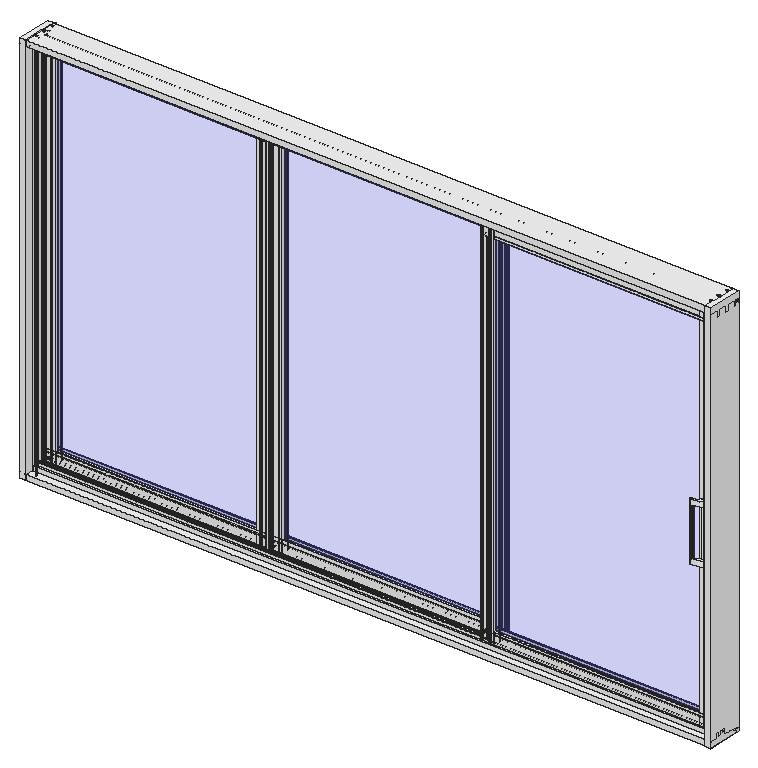
Revit family "Patio-Door_R-550-2-0_3-Light_XOO_7in_Novatech", category Doors, host Wall, Revit 2026 (continued)
Definition of nested family "NOVATECH_R-550 (2.0)_3 LIGHT_XOO_7in_DOOR FRAME"
  Definition of nested family "NOVATECH 650_2 LIGHT_DOOR FRAME_RIGHT"
    Automatic sketch dimensions
      Extrusion 1 sketch curve to Extrusion 1 sketch curve = 1.16928"
      Extrusion 1 sketch curve to Extrusion 1 sketch curve = 0.07341"
      Extrusion 1 sketch curve to Extrusion 1 sketch curve = 0.16734"
      Extrusion 1 sketch curve to Extrusion 1 sketch curve = 0.35207"
      Extrusion 1 sketch curve to Extrusion 1 sketch curve = 0.36692"
      Extrusion 1 sketch curve to Extrusion 1 sketch curve = 0.02304"
      Extrusion 1 sketch curve to Extrusion 1 sketch curve = 0.02379"
      Extrusion 1 sketch curve to Extrusion 1 sketch curve = 0.00926"
      Extrusion 1 sketch curve to Extrusion 1 sketch curve = 0.03614"
      Extrusion 1 sketch curve to Extrusion 1 sketch curve = 0.02228"
      Extrusion 1 sketch curve to Extrusion 1 sketch curve = 0.03887"
      Extrusion 1 sketch curve to Extrusion 1 sketch curve = 0.02535"
      Extrusion 1 sketch curve to Extrusion 1 sketch curve = 0.01071"
      Extrusion 1 sketch curve to Extrusion 1 sketch curve = 0.00764"
      Extrusion 1 sketch curve to Extrusion 1 sketch curve = 0.00916"
      Extrusion 1 sketch curve to Extrusion 1 sketch curve = 0.01185"
      Extrusion 1 sketch curve to Extrusion 1 sketch curve = 0.03921"
      Extrusion 1 sketch curve to Extrusion 1 sketch curve = 0.03995"
      Extrusion 1 sketch curve to Extrusion 1 sketch curve = 0.41557"
      Extrusion 1 sketch curve to Extrusion 1 sketch curve = 0.02246"  (x3)
      Extrusion 1 sketch curve to Extrusion 1 sketch curve = 0.04558"  (x2)
      Extrusion 1 sketch curve to Extrusion 1 sketch curve = 0.02222"
      Extrusion 1 sketch curve to Extrusion 1 sketch curve = 0.02305"
      Extrusion 1 sketch curve to Extrusion 1 sketch curve = 0.04602"
      Extrusion 1 sketch curve to Extrusion 1 sketch curve = 0.04436"
      Extrusion 1 sketch curve to Extrusion 1 sketch curve = 0.02244"
      Extrusion 1 sketch curve to Extrusion 1 sketch curve = 0.03743"
      Extrusion 1 sketch curve to Extrusion 1 sketch curve = 0.21108"
      Extrusion 1 sketch curve to Extrusion 1 sketch curve = 0.03746"
      Extrusion 1 sketch curve to Extrusion 1 sketch curve = 0.00795"
      Extrusion 1 sketch curve to Extrusion 1 sketch curve = 0.00895"
      Extrusion 1 sketch curve to Extrusion 1 sketch curve = 0.00912"
      Extrusion 1 sketch curve to Extrusion 1 sketch curve = 0.00975"
      Extrusion 1 sketch curve to Extrusion 1 sketch curve = 0.02249"
      Extrusion 1 sketch curve to Extrusion 1 sketch curve = 0.02399"
      Extrusion 1 sketch curve to Extrusion 1 sketch curve = 0.03972"
      Extrusion 1 sketch curve to Extrusion 1 sketch curve = 0.03991"
      Extrusion 1 sketch curve to Extrusion 1 sketch curve = 0.0105"
      Extrusion 1 sketch curve to Extrusion 1 sketch curve = 0.02313"
      Extrusion 1 sketch curve to Extrusion 1 sketch curve = 0.02334"
      Extrusion 1 sketch curve to Extrusion 1 sketch curve = 0.02"
      Extrusion 1 sketch curve to Extrusion 1 sketch curve = 0.04324"
      Extrusion 1 sketch curve to Extrusion 1 sketch curve = 0.04392"
      Extrusion 1 sketch curve to Extrusion 1 sketch curve = 0.00515"  (x2)
      plane 1 "Center (Front/Back)" to Extrusion 1 sketch curve = 1.87171"
Definition of nested family "NOVATECH_R-550 (2.0)_3 LIGHT_XOO_7in_LOOK HANDLE"
  Parameters (values of type "LOOK HANDLE")
    View Handle = yes
    Look Handle = yes
    Hardware Finish = none
    Handle Length [instance] = 12"
    Default Elevation = 0"
  Reference planes (in)
    plane 1 "Center (Front/Back)": y = 0
    plane 2: z = 0
    plane 3 "Center (Left/Right)": x = 0
    plane 4: z = 12
    plane 5: z = 11
    plane 6: z = 1
    plane 7: z = 6
  Forms (in)
    Extrusion 1, solid, material <- "Hardware Finish", visible <- "Look Handle"
      sketch origin (-2.75609, 4.10702, 0) x (1, 0, 0) y (0, 1, 0)
        loop
          line (2.28365, -5.7645) -> (2.29002, -6.12973)
          arc (2.29002, -6.12973) -> (2.31095, -6.17843) -> (2.36001, -6.1985) r 0.07
          line (2.36001, -6.1985) -> (3.15217, -6.1985)
          arc (3.15217, -6.1985) -> (3.20123, -6.17843) -> (3.22216, -6.12973) r 0.07
          line (3.22216, -6.12973) -> (3.22853, -5.7645) -> (2.28365, -5.7645)
      from 0 to 12
    Extrusion 2, solid, material <- "Hardware Finish", visible <- "Look Handle"
      sketch origin (-2.75609, 4.10702, 0) x (1, 0, 0) y (0, 1, 0)
        loop
          arc (2.92658, -7.01425) -> (2.95049, -7.06991) -> (3.00657, -7.09285) r 0.08
          line (3.00657, -7.09285) -> (3.06811, -7.09285)
          arc (3.06811, -7.09285) -> (3.12419, -7.06991) -> (3.1481, -7.01425) r 0.08
          line (3.1481, -7.01425) -> (3.16234, -6.1985) -> (2.88163, -6.1985)
          arc (2.88163, -6.1985) -> (2.90353, -6.20746) -> (2.91288, -6.22921) r 0.03125
          line (2.91288, -6.22921) -> (2.92658, -7.01425)
      from 4.54231 to 11
    Extrusion 3, solid, material <- "Hardware Finish", visible <- "Look Handle"
      sketch origin (-5.65408, 4.10702, 0) x (1, 0, 0) y (0, 1, 0)
        loop
          arc (5.26207, -7.01425) -> (5.28599, -7.06991) -> (5.34206, -7.09285) r 0.08
          line (5.34206, -7.09285) -> (5.96611, -7.09285)
          arc (5.96611, -7.09285) -> (6.02218, -7.06991) -> (6.0461, -7.01425) r 0.08
          line (6.0461, -7.01425) -> (6.06033, -6.1985) -> (5.24783, -6.1985) -> (5.26207, -7.01425)
      from 1 to 4.54231
  Dimensions and locks (in)
    "Handle Length": plane 4 to level
    locked: plane 4 to plane 5 at 1
    locked: plane 6 to level at 1
    equal spacing: plane 4, plane 7, level, locked at 6 each
    aligned and locked: plane 2 to level
  Automatic sketch dimensions
    Extrusion 1 sketch curve to plane 3 "Center (Left/Right)" = 0.47244"
    Extrusion 1 sketch curve to Extrusion 1 sketch curve = 0.00637"  (x2)
    Extrusion 1 sketch curve to Extrusion 1 sketch curve = 0.06999"  (x2)
    plane 3 "Center (Left/Right)" to Extrusion 1 sketch curve = 0.39608"
    plane 1 "Center (Front/Back)" to Extrusion 1 sketch curve = 2.09148"
    Extrusion 1 sketch curve to Extrusion 1 sketch curve = 0.06878"  (x2)
    Extrusion 1 sketch curve to Extrusion 1 sketch curve = 0.36522"
    plane 3 "Center (Left/Right)" to Extrusion 2 sketch curve = 0.31202"
    Extrusion 2 sketch curve to Extrusion 2 sketch curve = 0.07999"
    plane 1 "Center (Front/Back)" to Extrusion 2 sketch curve = 2.90722"
    Extrusion 2 sketch curve to Extrusion 2 sketch curve = 0.0014"  (x2)
    plane 3 "Center (Left/Right)" to Extrusion 2 sketch curve = 0.15679"
    Extrusion 2 sketch curve to Extrusion 2 sketch curve = 0.24946"
    Extrusion 2 sketch curve to Extrusion 2 sketch curve = 0.78504"
    Extrusion 2 sketch curve to Extrusion 2 sketch curve = 0.0307"
    Extrusion 2 sketch curve to Extrusion 2 sketch curve = 0.06155"
    Extrusion 2 sketch curve to Extrusion 2 sketch curve = 0"  (x2)
    Extrusion 2 sketch curve to Extrusion 2 sketch curve = 0.00055"
    plane 3 "Center (Left/Right)" to Extrusion 2 sketch curve = 0.12554"
    Extrusion 3 sketch curve to plane 3 "Center (Left/Right)" = 0.39201"
    Extrusion 3 sketch curve to Extrusion 3 sketch curve = 0.07999"
    plane 1 "Center (Front/Back)" to Extrusion 3 sketch curve = 2.90722"
    Extrusion 3 sketch curve to Extrusion 3 sketch curve = 0.0014"  (x2)
    Extrusion 3 sketch curve to plane 3 "Center (Left/Right)" = 13/32"
    Extrusion 3 sketch curve to Extrusion 3 sketch curve = 0.81574"
    plane 3 "Center (Left/Right)" to Extrusion 3 sketch curve = 0.31202"
    plane 3 "Center (Left/Right)" to Extrusion 3 sketch curve = 13/32"
    Extrusion 3 sketch curve to Extrusion 3 sketch curve = 0.0786"
Definition of nested family "NOVATECH_R-550 (2.0)_3 LIGHT_XOO_7in_VIEW HANDLE"
  Parameters (values of type "VIEW HANDLE")
    Hardware Finish = none
    Handle Length [instance] = 12"
    Default Elevation = 0"
  Reference planes (in)
    plane 1 "Center (Front/Back)": y = 0
    plane 2: z = 0
    plane 3 "Center (Left/Right)": x = 0
    plane 4: z = 12
    plane 5: z = 11
    plane 6: z = 1
    plane 7: z = 6
  Forms (in)
    Extrusion 1, solid, material <- "Hardware Finish"
      sketch origin (-2.75609, -5.7645, 0) x (1, 0, 0) y (0, 1, 0)
        loop
          line (2.25609, 6.2645) -> (2.25609, 5.7645) -> (3.25609, 5.7645) -> (3.25609, 6.2645) -> (2.25609, 6.2645)
      from 0 to 12
    Extrusion 2, solid, material <- "Hardware Finish"
      sketch origin (-2.75609, -5.7645, 0) x (1, 0, 0) y (0, 1, 0)
        loop
          arc (3.25636, 6.2645) -> (3.36219, 6.58898) -> (3.65155, 6.76996) r 0.5
          arc (3.65155, 6.76996) -> (4.19674, 6.84875) -> (4.74609, 6.8895) r 7.93092
          arc (4.74609, 6.8895) -> (4.87857, 6.94764) -> (4.92546, 7.0845) r 0.18
          arc (4.92546, 7.0845) -> (4.87857, 7.22136) -> (4.74609, 7.2795) r 0.18
          arc (4.74609, 7.2795) -> (3.50036, 7.21489) -> (2.35751, 6.71497) r 3.47867
          arc (2.35751, 6.71497) -> (2.28354, 6.64857) -> (2.25609, 6.55303) r 0.18
          line (2.25609, 6.55303) -> (2.25609, 6.2645) -> (3.25636, 6.2645)
      from 0 to 12
    Extrusion 3, void
      sketch origin (-2.75609, -5.7645, 0) x (1, 0, 0) y (0, 1, 0)
        loop
          arc (3.25636, 6.2645) -> (3.36219, 6.58898) -> (3.65155, 6.76996) r 0.5
          arc (3.65155, 6.76996) -> (3.99574, 6.82419) -> (4.34198, 6.86326) r 7.93092
          arc (4.34198, 6.86326) -> (4.5239, 7.10462) -> (4.30048, 7.30816) r 0.22439
          arc (4.30048, 7.30816) -> (3.28473, 7.15656) -> (2.35751, 6.71497) r 3.47867
          arc (2.35751, 6.71497) -> (2.28354, 6.64857) -> (2.25609, 6.55303) r 0.18
          line (2.25609, 6.55303) -> (2.25609, 6.2645) -> (3.25636, 6.2645)
      from 1 to 11
  Cuts and joins
    Extrusion 3 cuts Extrusion 2
  Dimensions and locks (in)
    "Handle Length": plane 4 to level
    locked: plane 4 to plane 5 at 1
    locked: plane 6 to level at 1
    equal spacing: plane 4, plane 7, level, locked at 6 each
    aligned and locked: plane 2 to level
    aligned and locked: cut or joined group of Extrusion 2, Extrusion 3 to plane 5
    aligned and locked: plane 6 to cut or joined group of Extrusion 2, Extrusion 3
    aligned and locked: Extrusion 1 to plane 4
    aligned and locked: cut or joined group of Extrusion 2, Extrusion 3 to plane 4
  Automatic sketch dimensions
    plane 1 "Center (Front/Back)" to Extrusion 1 sketch curve = 0"
    Extrusion 1 sketch curve to plane 3 "Center (Left/Right)" = 1/2"
    plane 3 "Center (Left/Right)" to Extrusion 1 sketch curve = 1/2"
    Extrusion 1 sketch curve to plane 1 "Center (Front/Back)" = 1/2"
    Extrusion 2 sketch curve to plane 3 "Center (Left/Right)" = 1/2"
    Extrusion 2 sketch curve to Extrusion 2 sketch curve = 0.18"
    plane 3 "Center (Left/Right)" to Extrusion 2 sketch curve = 0.50027"
    Extrusion 2 sketch curve to Extrusion 2 sketch curve = 0.49973"
    plane 3 "Center (Left/Right)" to Extrusion 2 sketch curve = 1.54439"
    Extrusion 2 sketch curve to Extrusion 2 sketch curve = 0.99"
    Extrusion 2 sketch curve to Extrusion 2 sketch curve = 0"
    plane 3 "Center (Left/Right)" to Extrusion 2 sketch curve = 2.30175"
    plane 1 "Center (Front/Back)" to Extrusion 2 sketch curve = 6.79979"
    plane 1 "Center (Front/Back)" to Extrusion 2 sketch curve = 1.93501"
    Extrusion 2 sketch curve to plane 1 "Center (Front/Back)" = 1/2"
    Extrusion 2 sketch curve to Extrusion 2 sketch curve = 0.0165"
    Extrusion 2 sketch curve to Extrusion 2 sketch curve = 0.28853"
    Extrusion 2 sketch curve to Extrusion 2 sketch curve = 0.7885"
    Extrusion 2 sketch curve to Extrusion 2 sketch curve = 0.03"
    Extrusion 2 sketch curve to Extrusion 2 sketch curve = 0.07858"
    Extrusion 2 sketch curve to Extrusion 2 sketch curve = 0.10454"
    Extrusion 3 sketch curve to plane 3 "Center (Left/Right)" = 1/2"
    Extrusion 3 sketch curve to Extrusion 3 sketch curve = 0.18"
    plane 3 "Center (Left/Right)" to Extrusion 3 sketch curve = 0.50027"
    Extrusion 3 sketch curve to Extrusion 3 sketch curve = 0.49973"
    plane 3 "Center (Left/Right)" to Extrusion 3 sketch curve = 1.54439"
    plane 3 "Center (Left/Right)" to Extrusion 3 sketch curve = 2.30175"
    plane 1 "Center (Front/Back)" to Extrusion 3 sketch curve = 6.79979"
    plane 1 "Center (Front/Back)" to Extrusion 3 sketch curve = 1.93501"
    Extrusion 3 sketch curve to plane 1 "Center (Front/Back)" = 1/2"
    Extrusion 3 sketch curve to Extrusion 3 sketch curve = 0.0165"
    Extrusion 3 sketch curve to Extrusion 3 sketch curve = 0.28853"
    Extrusion 3 sketch curve to Extrusion 3 sketch curve = 0.80277"
    Extrusion 3 sketch curve to Extrusion 3 sketch curve = 0.07858"
    Extrusion 3 sketch curve to Extrusion 3 sketch curve = 0.10454"
    Extrusion 3 sketch curve to Extrusion 3 sketch curve = 0.0415"
Definition of nested family "NOVATECH_R-550 (2.0)_3 LIGHT_XOO_7in_SASH_O_RIGHT"
  Parameters (values of type "SASH_O_RIGHT")
    Width = 46.52865"
    Panel Material = none
    Height = 77 57/128"
    Frame Material = none
    Default Elevation = 0"
  Reference planes (in)
    plane 1 "Center (Front/Back)": y = 0
    plane 2: z = -0.90071
    plane 3 "Center (Left/Right)": x = 0
    plane 4: x = 23.26432
    plane 5: x = -23.26432
    plane 6: z = 77.44531
    plane 7: y = 0.77151
    plane 8: x = -23.19439
  Forms (in)
    Extrusion 1, solid, material <- "Panel Material"
      sketch origin (53.61747, -3.42282, -6.62158) x (1, 0, 0) y (0, 1, 0)
        loop
          line (-74.77328, 4.62951) -> (-74.77328, 3.75549) -> (-32.39173, 3.75549) -> (-32.39173, 4.62951) -> (-74.77328, 4.62951)
      from 8.65968 to 82.02833
  Dimensions and locks (in)
    "Height": plane 6 to level
    "Width": plane 4 to plane 5
    equal spacing: plane 4, plane 3 "Center (Left/Right)", plane 5
    locked: Extrusion 1 sketch curve to Extrusion 1 sketch curve at 0.87402
    plane 1 "Center (Front/Back)" to plane 7 = 0.77151"
    locked: plane 5 to Extrusion 1 at 2.10852
    locked: Extrusion 1 to plane 4 at 2.03858
    locked: plane 6 to Extrusion 1 at 2.03857
    Extrusion 1 to level = 2.0381"
    plane 1 "Center (Front/Back)" to Extrusion 1 = 0.33268"
    locked: level to plane 2 at 0.90071
    locked: plane 5 to plane 8 at 0.06993
    aligned and locked: plane 1 "Center (Front/Back)" to nested 1
    aligned and locked: plane 1 "Center (Front/Back)" to nested 2
    aligned and locked: nested 3 to plane 4  (x2)
    aligned and locked: nested 3 to plane 1 "Center (Front/Back)"
    aligned and locked: plane 4 to nested 1
    aligned and locked: plane 4 to nested 2
    aligned and locked: plane 1 "Center (Front/Back)" to nested 4
    aligned and locked: nested 3 to plane 6
    aligned and locked: plane 6 to nested 4
    aligned and locked: nested 4 to plane 5
    aligned and locked: plane 8 to nested 2
    aligned and locked: plane 8 to nested 1
    aligned and locked: plane 6 to nested 2
    aligned and locked: nested 1 to level
    aligned and locked: nested 4 to level
  Automatic sketch dimensions
    Extrusion 1 sketch curve to plane 1 "Center (Front/Back)" = 0.33268"
    plane 5 to Extrusion 1 sketch curve = 2.10852"
    Extrusion 1 sketch curve to plane 4 = 2.03858"
  Nested families (in)
    nested 1: "NOVATECH_650_2 LIGHT_SASH_O_SILL" at (-23.19439, 0, -0.93499), type "O PANEL SILL"
      with built-in parameter 1001306 3.8716 (stored number, unit not read)
    nested 2: "NOVATECH_650_3 LIGHT_OXO_SASH_O_HEADER" at (-23.19439, 0, 74.8425), type "O HEADER"
      with Length 46.45871"
    nested 3: "NOVATECH_650_3 LIGHT_OXO_SASH_O_RIGHT" at (23.26432, 1.65748, 0) x (0, -1, 0) z (0, 0, 1), type "O RIGHT"
      with Length 77 57/128"
    nested 4: "NOVATECH_650_3 LIGHT_OXO_SASH_O_LEFT" at (-23.26432, 0, -6) x (0, -1, 0) z (0, 0, 1), type "O LEFT"
      with Length 77 57/128"
  Definition of nested family "NOVATECH_650_2 LIGHT_SASH_O_SILL"
    Parameters (values of type "O PANEL SILL")
      built-in parameter 1001306 [instance] = 48"
      Frame Material = none
      Default Elevation = 0"
    Reference planes (in)
      plane 1 "Center (Front/Back)": y = 0
      plane 2: z = 0
      plane 3 "Left": x = 0
      plane 4 "Right": x = 48
    Forms (in)
      Extrusion 1, solid, material <- "Frame Material"
        sketch origin (0, -0.42731, -0.7993) x (0, 1, 0) y (0, 0, 1)
          loop
            line (1.50935, 2.22768) -> (1.00276, 2.22768)
            arc (1.00276, 2.22768) -> (0.94708, 2.20462) -> (0.92402, 2.14894) r 0.07874
            line (0.92402, 2.14894) -> (0.92402, 1.86784)
            arc (0.92402, 1.86784) -> (0.91825, 1.85393) -> (0.90433, 1.84816) r 0.01969
            line (0.90433, 1.84816) -> (0.87358, 1.84816) -> (0.85389, 1.72715) -> (0.644, 1.72715)
            arc (0.644, 1.72715) -> (0.63008, 1.72138) -> (0.62431, 1.70746) r 0.01969
            line (0.62431, 1.70746) -> (0.62431, 1.54017) -> (0.52604, 1.54017) -> (0.52615, 1.70715) -> (0.45135, 1.70715) -> (0.45074, 0.7993) -> (0.52556, 0.81205) -> (0.52575, 1.10443) -> (0.93819, 1.1584) -> (0.93819, 0.93129) -> (1.01299, 0.94253) -> (1.01299, 1.35309) -> (1.5156, 1.41571) -> (1.5156, 0.88509)
            arc (1.5156, 0.88509) -> (1.52141, 0.87106) -> (1.53544, 0.86524) r 0.01985
            arc (1.53544, 0.86524) -> (1.55245, 0.86422) -> (1.56901, 0.86822) r 0.05745
            line (1.56901, 0.86822) -> (1.63183, 0.90885)
            arc (1.63183, 0.90885) -> (1.63055, 0.92963) -> (1.60977, 0.93091) r 0.01572
            arc (1.60977, 0.93091) -> (1.59585, 0.93668) -> (1.59009, 0.9506) r 0.01969
            line (1.59009, 0.9506) -> (1.59009, 1.65234) -> (2.03511, 1.65234) -> (2.03517, 1.09522) -> (2.10997, 1.10708) -> (2.10991, 1.637)
            arc (2.10991, 1.637) -> (2.0835, 1.70074) -> (2.01976, 1.72715) r 0.09016
            line (2.01976, 1.72715) -> (1.65169, 1.72715) -> (1.63466, 1.83182)
            arc (1.63466, 1.83182) -> (1.625, 1.84624) -> (1.60777, 1.84835) r 0.02085
            arc (1.60777, 1.84835) -> (1.59385, 1.85411) -> (1.58809, 1.86803) r 0.01969
            line (1.58809, 1.86803) -> (1.58809, 2.14894)
            arc (1.58809, 2.14894) -> (1.56503, 2.20462) -> (1.50935, 2.22768) r 0.07874
          loop
            line (0.42731, 4.26963) -> (0.42731, 1.79335)
            arc (0.42731, 1.79335) -> (0.44461, 1.75159) -> (0.48637, 1.73429) r 0.05906
            line (0.48637, 1.73429) -> (0.79548, 1.73429)
            arc (0.79548, 1.73429) -> (0.83724, 1.75159) -> (0.85454, 1.79335) r 0.05906
            line (0.85454, 1.79335) -> (0.85454, 1.87249) -> (0.81117, 1.87249) -> (0.81117, 1.8095) -> (0.75999, 1.8095) -> (0.75999, 2.11658) -> (0.81117, 2.11658) -> (0.81117, 2.05359) -> (0.86235, 2.05359) -> (0.86235, 2.43905) -> (1.64975, 2.43905) -> (1.64975, 2.05359) -> (1.70093, 2.05359) -> (1.70093, 2.11658) -> (1.75211, 2.11658) -> (1.75211, 1.8095) -> (1.70093, 1.8095) -> (1.70093, 1.87249) -> (1.65756, 1.87249) -> (1.65756, 1.79335)
            arc (1.65756, 1.79335) -> (1.67486, 1.75159) -> (1.71662, 1.73429) r 0.05906
            line (1.71662, 1.73429) -> (2.02574, 1.73429)
            arc (2.02574, 1.73429) -> (2.06749, 1.75159) -> (2.08479, 1.79335) r 0.05906
            line (2.08479, 1.79335) -> (2.08479, 3.64377) -> (2.00605, 3.64377) -> (2.00605, 3.30913) -> (1.81314, 3.30913) -> (1.81314, 3.40755) -> (1.86432, 3.40755) -> (1.86432, 3.64377) -> (1.56849, 3.64377) -> (1.56849, 3.76848) -> (0.66353, 3.76848) -> (0.66353, 4.2919) -> (0.697, 4.2919) -> (0.697, 4.3332) -> (0.45273, 4.29887)
            arc (0.45273, 4.29887) -> (0.43455, 4.289) -> (0.42731, 4.26963) r 0.02953
          loop
            line (1.697, 4.33127) -> (1.71668, 4.29189) -> (1.71669, 3.67374)
            arc (1.71669, 3.67374) -> (1.72363, 3.66069) -> (1.73834, 3.65914) r 0.01575
            line (1.73834, 3.65914) -> (1.84513, 3.69539) -> (1.92824, 3.64363) -> (1.9154, 3.47576) -> (1.8935, 3.41617)
            arc (1.8935, 3.41617) -> (1.86859, 3.38726) -> (1.88982, 3.35556) r 0.0315
            arc (1.88982, 3.35556) -> (1.92534, 3.35888) -> (1.94977, 3.38487) r 0.05041
            line (1.94977, 3.38487) -> (1.98385, 3.46761) -> (1.99786, 3.65101)
            arc (1.99786, 3.65101) -> (2.00813, 3.67068) -> (2.03025, 3.67232) r 0.02281
            line (2.03025, 3.67232) -> (2.06117, 3.6537)
            arc (2.06117, 3.6537) -> (2.07692, 3.6537) -> (2.08479, 3.66733) r 0.01575
            line (2.08479, 3.66733) -> (2.08479, 4.30174)
            arc (2.08479, 4.30174) -> (2.07614, 4.32262) -> (2.05526, 4.33127) r 0.02953
            line (2.05526, 4.33127) -> (1.697, 4.33127)
        from 0 to 48
    Lines and regions (in)
      reference lines
        curve 1: line (0, 0.91091, 0) -> (48, 0.91091, 0)
    Dimensions and locks (in)
      "built-in parameter 1001306": plane 3 "Left" to plane 4 "Right"
      aligned and locked: plane 4 "Right" to curve 1
      aligned and locked: plane 3 "Left" to curve 1
      aligned and locked: level to plane 2
      aligned and locked: Extrusion 1 to plane 3 "Left"
      aligned and locked: plane 4 "Right" to Extrusion 1
    Automatic sketch dimensions
      curve 1 to plane 1 "Center (Front/Back)" = 0.91091"
      level to Extrusion 1 sketch curve = 0"
      level to Extrusion 1 sketch curve = 0.30778"
      Extrusion 1 sketch curve to plane 1 "Center (Front/Back)" = 1.68266"
      level to Extrusion 1 sketch curve = 0.8377"
      Extrusion 1 sketch curve to Extrusion 1 sketch curve = 0.00005"
      Extrusion 1 sketch curve to Extrusion 1 sketch curve = 0.02512"
      Extrusion 1 sketch curve to Extrusion 1 sketch curve = 0"  (x3)
      Extrusion 1 sketch curve to Extrusion 1 sketch curve = 0.01575"  (x2)
      Extrusion 1 sketch curve to Extrusion 1 sketch curve = 0.00787"
      Extrusion 1 sketch curve to Extrusion 1 sketch curve = 0.02953"  (x2)
      level to Extrusion 1 sketch curve = 0.29592"
      Extrusion 1 sketch curve to Extrusion 1 sketch curve = 0.0748"  (x4)
      Extrusion 1 sketch curve to Extrusion 1 sketch curve = 0.03092"
      Extrusion 1 sketch curve to Extrusion 1 sketch curve = 0.00937"
      Extrusion 1 sketch curve to Extrusion 1 sketch curve = 0.00959"
      Extrusion 1 sketch curve to Extrusion 1 sketch curve = 0.00598"
      Extrusion 1 sketch curve to Extrusion 1 sketch curve = 0.01461"
      Extrusion 1 sketch curve to Extrusion 1 sketch curve = 0.00819"
      Extrusion 1 sketch curve to Extrusion 1 sketch curve = 0.0222"
      Extrusion 1 sketch curve to Extrusion 1 sketch curve = 0.03408"
      Extrusion 1 sketch curve to Extrusion 1 sketch curve = 0.06962"
      Extrusion 1 sketch curve to Extrusion 1 sketch curve = 0.06844"
      Extrusion 1 sketch curve to Extrusion 1 sketch curve = 0.04657"
      Extrusion 1 sketch curve to Extrusion 1 sketch curve = 0.00316"
      Extrusion 1 sketch curve to Extrusion 1 sketch curve = 0.00969"
      Extrusion 1 sketch curve to Extrusion 1 sketch curve = 0.06392"
      Extrusion 1 sketch curve to Extrusion 1 sketch curve = 0.01918"
      Extrusion 1 sketch curve to Extrusion 1 sketch curve = 0.05118"  (x4)
      Extrusion 1 sketch curve to Extrusion 1 sketch curve = 0.27362"
      Extrusion 1 sketch curve to Extrusion 1 sketch curve = 0.1068"
      Extrusion 1 sketch curve to Extrusion 1 sketch curve = 0.0059"
      Extrusion 1 sketch curve to Extrusion 1 sketch curve = 0.33858"
      Extrusion 1 sketch curve to Extrusion 1 sketch curve = 0.03549"  (x2)
      Extrusion 1 sketch curve to Extrusion 1 sketch curve = 0.01569"  (x2)
      Extrusion 1 sketch curve to Extrusion 1 sketch curve = 0.01969"  (x4)
      Extrusion 1 sketch curve to Extrusion 1 sketch curve = 0.04337"  (x2)
      Extrusion 1 sketch curve to Extrusion 1 sketch curve = 0.06493"
      level to Extrusion 1 sketch curve = 1.03252"
      Extrusion 1 sketch curve to Extrusion 1 sketch curve = 0.0229"
      level to Extrusion 1 sketch curve = 0.10955"
      Extrusion 1 sketch curve to Extrusion 1 sketch curve = 0.40333"
      Extrusion 1 sketch curve to Extrusion 1 sketch curve = 0.01239"
      Extrusion 1 sketch curve to Extrusion 1 sketch curve = 0.02058"
      Extrusion 1 sketch curve to Extrusion 1 sketch curve = 0.00967"  (x2)
      Extrusion 1 sketch curve to Extrusion 1 sketch curve = 0.00631"
      Extrusion 1 sketch curve to Extrusion 1 sketch curve = 0.0616"
      level to Extrusion 1 sketch curve = 0.06892"
      Extrusion 1 sketch curve to Extrusion 1 sketch curve = 0.05043"
      Extrusion 1 sketch curve to Extrusion 1 sketch curve = 0.1482"
      Extrusion 1 sketch curve to Extrusion 1 sketch curve = 0.04272"
      Extrusion 1 sketch curve to Extrusion 1 sketch curve = 0.03356"
      Extrusion 1 sketch curve to Extrusion 1 sketch curve = 0.07449"
      Extrusion 1 sketch curve to Extrusion 1 sketch curve = 0.07874"  (x2)
      level to Extrusion 1 sketch curve = 0.14323"
      Extrusion 1 sketch curve to Extrusion 1 sketch curve = 0.5026"
      Extrusion 1 sketch curve to Extrusion 1 sketch curve = 0.50659"
      Extrusion 1 sketch curve to Extrusion 1 sketch curve = 0.03075"
      Extrusion 1 sketch curve to Extrusion 1 sketch curve = 0.1404"
      Extrusion 1 sketch curve to Extrusion 1 sketch curve = 0.01904"
      Extrusion 1 sketch curve to Extrusion 1 sketch curve = 0.00065"
      Extrusion 1 sketch curve to Extrusion 1 sketch curve = 1"
      Extrusion 1 sketch curve to Extrusion 1 sketch curve = 0.03346"
      Extrusion 1 sketch curve to Extrusion 1 sketch curve = 0.11599"
      level to Extrusion 1 sketch curve = 0.90785"
      Extrusion 1 sketch curve to Extrusion 1 sketch curve = 0.09816"
      level to Extrusion 1 sketch curve = 0.74086"
      Extrusion 1 sketch curve to Extrusion 1 sketch curve = 0.09827"
      level to Extrusion 1 sketch curve = 0.30513"
      Extrusion 1 sketch curve to Extrusion 1 sketch curve = 0.41244"
      level to Extrusion 1 sketch curve = 0.01275"
      Extrusion 1 sketch curve to Extrusion 1 sketch curve = 0.00019"
      Extrusion 1 sketch curve to Extrusion 1 sketch curve = 0.03978"
      Extrusion 1 sketch curve to Extrusion 1 sketch curve = 0.20669"
      Extrusion 1 sketch curve to Extrusion 1 sketch curve = 0.00411"
      Extrusion 1 sketch curve to Extrusion 1 sketch curve = 0.03502"
      Extrusion 1 sketch curve to Extrusion 1 sketch curve = 0.07481"
      Extrusion 1 sketch curve to Extrusion 1 sketch curve = 0.01687"
      Extrusion 1 sketch curve to Extrusion 1 sketch curve = 0.01124"
      Extrusion 1 sketch curve to Extrusion 1 sketch curve = 0.22711"
      Extrusion 1 sketch curve to Extrusion 1 sketch curve = 0.1947"
      Extrusion 1 sketch curve to Extrusion 1 sketch curve = 0.41612"
      Extrusion 1 sketch curve to Extrusion 1 sketch curve = 0.00031"
      Extrusion 1 sketch curve to Extrusion 1 sketch curve = 0.00715"  (x2)
      Extrusion 1 sketch curve to Extrusion 1 sketch curve = 0.01615"  (x2)
      Extrusion 1 sketch curve to Extrusion 1 sketch curve = 0.00335"
      Extrusion 1 sketch curve to Extrusion 1 sketch curve = 0.05481"
      Extrusion 1 sketch curve to Extrusion 1 sketch curve = 0.03956"
      Extrusion 1 sketch curve to Extrusion 1 sketch curve = 0.06299"  (x4)
      Extrusion 1 sketch curve to Extrusion 1 sketch curve = 0.1811"  (x2)
      Extrusion 1 sketch curve to Extrusion 1 sketch curve = 0.09535"
      Extrusion 1 sketch curve to Extrusion 1 sketch curve = 0.21137"
      Extrusion 1 sketch curve to Extrusion 1 sketch curve = 0.87008"
      Extrusion 1 sketch curve to Extrusion 1 sketch curve = 0.07575"
      Extrusion 1 sketch curve to Extrusion 1 sketch curve = 0.00048"
      Extrusion 1 sketch curve to Extrusion 1 sketch curve = 0.01881"
      Extrusion 1 sketch curve to Extrusion 1 sketch curve = 0.00339"
      Extrusion 1 sketch curve to Extrusion 1 sketch curve = 0.012"
      Extrusion 1 sketch curve to Extrusion 1 sketch curve = 0.08274"
      Extrusion 1 sketch curve to Extrusion 1 sketch curve = 0.05959"
      Extrusion 1 sketch curve to Extrusion 1 sketch curve = 0.16787"
      Extrusion 1 sketch curve to Extrusion 1 sketch curve = 0.00014"  (x2)
      Extrusion 1 sketch curve to Extrusion 1 sketch curve = 0.00724"
      Extrusion 1 sketch curve to Extrusion 1 sketch curve = 0.00785"
      Extrusion 1 sketch curve to Extrusion 1 sketch curve = 0.00992"
      Extrusion 1 sketch curve to Extrusion 1 sketch curve = 0.01537"
      Extrusion 1 sketch curve to Extrusion 1 sketch curve = 0.05162"
      Extrusion 1 sketch curve to Extrusion 1 sketch curve = 0.12471"
      Extrusion 1 sketch curve to Extrusion 1 sketch curve = 0.50115"
      Extrusion 1 sketch curve to Extrusion 1 sketch curve = 0.52341"
      Extrusion 1 sketch curve to Extrusion 1 sketch curve = 0.02226"
      Extrusion 1 sketch curve to Extrusion 1 sketch curve = 0.00984"
      Extrusion 1 sketch curve to Extrusion 1 sketch curve = 0.04131"
  Definition of nested family "NOVATECH_650_3 LIGHT_OXO_SASH_O_HEADER"
    Parameters (values of type "O HEADER")
      Length [instance] = 25.4316"
      Frame Material = none
      Default Elevation = 0"
    Reference planes (in)
      plane 1 "Center (Front/Back)": y = 0
      plane 2: z = 0
      plane 3 "Center (Left/Right)": x = 0
      plane 4: x = 25.4316
    Forms (in)
      Extrusion 1, solid, material <- "Frame Material"
        sketch origin (0, 3.99113, -1.74837) x (0, 1, 0) y (0, 0, 1)
          loop
            line (-2.76869, 4.29213) -> (-2.76869, 4.20908) -> (-2.71751, 4.20908) -> (-2.71751, 4.27208) -> (-2.66633, 4.27208) -> (-2.66633, 3.96499) -> (-2.71751, 3.96499) -> (-2.71751, 4.02798) -> (-2.76869, 4.02798) -> (-2.76869, 3.64252) -> (-3.55609, 3.64252) -> (-3.55609, 4.02798) -> (-3.60728, 4.02798) -> (-3.60728, 3.96499) -> (-3.65846, 3.96499) -> (-3.65846, 4.27208) -> (-3.60728, 4.27208) -> (-3.60728, 4.20908) -> (-3.55609, 4.20908) -> (-3.55609, 4.29213)
            arc (-3.55609, 4.29213) -> (-3.57339, 4.33389) -> (-3.61515, 4.35118) r 0.05906
            line (-3.61515, 4.35118) -> (-3.93208, 4.35118)
            arc (-3.93208, 4.35118) -> (-3.97384, 4.33389) -> (-3.99113, 4.29213) r 0.05906
            line (-3.99113, 4.29213) -> (-3.99113, 1.81194)
            arc (-3.99113, 1.81194) -> (-3.98389, 1.79257) -> (-3.96572, 1.7827) r 0.02953
            line (-3.96572, 1.7827) -> (-3.72145, 1.74837) -> (-3.72145, 1.78968) -> (-3.75491, 1.78968) -> (-3.75491, 2.4378) -> (-3.65663, 2.4378) -> (-3.65663, 2.3126) -> (-2.78262, 2.3126) -> (-2.78262, 2.4378) -> (-2.55413, 2.4378) -> (-2.55413, 2.67402) -> (-2.60531, 2.67402) -> (-2.60531, 2.77244) -> (-2.41239, 2.77244) -> (-2.41239, 2.4378) -> (-2.33365, 2.4378) -> (-2.33365, 4.29213)
            arc (-2.33365, 4.29213) -> (-2.35095, 4.33389) -> (-2.39271, 4.35118) r 0.05906
            line (-2.39271, 4.35118) -> (-2.70964, 4.35118)
            arc (-2.70964, 4.35118) -> (-2.7514, 4.33389) -> (-2.76869, 4.29213) r 0.05906
          loop
            line (-2.33365, 1.77983) -> (-2.33365, 2.41424)
            arc (-2.33365, 2.41424) -> (-2.34153, 2.42788) -> (-2.35728, 2.42788) r 0.01575
            line (-2.35728, 2.42788) -> (-2.3867, 2.41134)
            arc (-2.3867, 2.41134) -> (-2.40913, 2.41876) -> (-2.41969, 2.43989) r 0.03079
            line (-2.41969, 2.43989) -> (-2.43129, 2.60578) -> (-2.46833, 2.69723)
            arc (-2.46833, 2.69723) -> (-2.49406, 2.72434) -> (-2.53137, 2.72666) r 0.05107
            arc (-2.53137, 2.72666) -> (-2.55479, 2.69582) -> (-2.53061, 2.66558) r 0.0315
            line (-2.53061, 2.66558) -> (-2.49742, 2.58344) -> (-2.48648, 2.44027) -> (-2.57331, 2.38618) -> (-2.68011, 2.42243)
            arc (-2.68011, 2.42243) -> (-2.69481, 2.42088) -> (-2.70176, 2.40783) r 0.01575
            line (-2.70176, 2.40783) -> (-2.70176, 1.78968) -> (-2.72145, 1.75031) -> (-2.36318, 1.75031)
            arc (-2.36318, 1.75031) -> (-2.3423, 1.75896) -> (-2.33365, 1.77983) r 0.02953
        from 0 to 25.4316
    Dimensions and locks (in)
      "Length": plane 3 "Center (Left/Right)" to plane 4
      aligned and locked: plane 2 to level
      aligned and locked: plane 4 to Extrusion 1
      aligned and locked: Extrusion 1 to plane 3 "Center (Left/Right)"
    Automatic sketch dimensions
      Extrusion 1 sketch curve to level = 0"
      plane 1 "Center (Front/Back)" to Extrusion 1 sketch curve = 0"
      level to Extrusion 1 sketch curve = 0.03433"
      Extrusion 1 sketch curve to Extrusion 1 sketch curve = 0.02542"
      Extrusion 1 sketch curve to Extrusion 1 sketch curve = 0.02953"
      Extrusion 1 sketch curve to Extrusion 1 sketch curve = 0.05906"
      Extrusion 1 sketch curve to Extrusion 1 sketch curve = 0.20669"
      Extrusion 1 sketch curve to Extrusion 1 sketch curve = 0.03346"
      Extrusion 1 sketch curve to Extrusion 1 sketch curve = 0.27362"  (x2)
      Extrusion 1 sketch curve to Extrusion 1 sketch curve = 0.09828"
      Extrusion 1 sketch curve to Extrusion 1 sketch curve = 0.04331"
      Extrusion 1 sketch curve to Extrusion 1 sketch curve = 0.00787"  (x2)
      Extrusion 1 sketch curve to Extrusion 1 sketch curve = 0.05118"  (x4)
      Extrusion 1 sketch curve to plane 1 "Center (Front/Back)" = 1.20852"
      Extrusion 1 sketch curve to plane 1 "Center (Front/Back)" = 1.22244"  (x2)
      Extrusion 1 sketch curve to plane 1 "Center (Front/Back)" = 1.26968"
      Extrusion 1 sketch curve to plane 1 "Center (Front/Back)" = 1.27362"  (x2)
      Extrusion 1 sketch curve to plane 1 "Center (Front/Back)" = 1.2815"
      Extrusion 1 sketch curve to plane 1 "Center (Front/Back)" = 1.28937"
      Extrusion 1 sketch curve to plane 1 "Center (Front/Back)" = 1.28938"
      Extrusion 1 sketch curve to Extrusion 1 sketch curve = 0.01575"  (x2)
      Extrusion 1 sketch curve to Extrusion 1 sketch curve = 0.0059"
      Extrusion 1 sketch curve to plane 1 "Center (Front/Back)" = 1.38583"
      Extrusion 1 sketch curve to Extrusion 1 sketch curve = 0.1068"
      Extrusion 1 sketch curve to Extrusion 1 sketch curve = 0.01918"
      Extrusion 1 sketch curve to Extrusion 1 sketch curve = 0.02352"
      Extrusion 1 sketch curve to Extrusion 1 sketch curve = 0.00731"
      Extrusion 1 sketch curve to Extrusion 1 sketch curve = 0.01494"
      Extrusion 1 sketch curve to Extrusion 1 sketch curve = 0.03319"
      Extrusion 1 sketch curve to Extrusion 1 sketch curve = 0.06765"
      Extrusion 1 sketch curve to Extrusion 1 sketch curve = 0.04734"
      Extrusion 1 sketch curve to Extrusion 1 sketch curve = 0.06613"
      Extrusion 1 sketch curve to Extrusion 1 sketch curve = 0.06679"
      Extrusion 1 sketch curve to Extrusion 1 sketch curve = 0.0073"
      Extrusion 1 sketch curve to Extrusion 1 sketch curve = 0.02341"
      Extrusion 1 sketch curve to Extrusion 1 sketch curve = 0.00228"
      level to Extrusion 1 sketch curve = 0.00194"
      Extrusion 1 sketch curve to Extrusion 1 sketch curve = 0.33858"
      Extrusion 1 sketch curve to Extrusion 1 sketch curve = 0.02942"
      Extrusion 1 sketch curve to Extrusion 1 sketch curve = 0.02362"
      level to Extrusion 1 sketch curve = 0.04131"  (x2)
      Extrusion 1 sketch curve to Extrusion 1 sketch curve = 0.52292"
      Extrusion 1 sketch curve to Extrusion 1 sketch curve = 0.07358"
      Extrusion 1 sketch curve to Extrusion 1 sketch curve = 0.02165"
      Extrusion 1 sketch curve to Extrusion 1 sketch curve = 0"
      Extrusion 1 sketch curve to Extrusion 1 sketch curve = 0.02516"
      Extrusion 1 sketch curve to Extrusion 1 sketch curve = 0.0029"
      Extrusion 1 sketch curve to Extrusion 1 sketch curve = 0.05162"
      Extrusion 1 sketch curve to Extrusion 1 sketch curve = 0.02356"
      Extrusion 1 sketch curve to Extrusion 1 sketch curve = 0.1252"
      Extrusion 1 sketch curve to Extrusion 1 sketch curve = 0.00209"
      Extrusion 1 sketch curve to Extrusion 1 sketch curve = 0.00038"
      Extrusion 1 sketch curve to Extrusion 1 sketch curve = 0.14318"
      Extrusion 1 sketch curve to Extrusion 1 sketch curve = 0.02234"
      Extrusion 1 sketch curve to Extrusion 1 sketch curve = 0.08214"
      Extrusion 1 sketch curve to Extrusion 1 sketch curve = 0.00844"
      Extrusion 1 sketch curve to Extrusion 1 sketch curve = 0.01248"
      Extrusion 1 sketch curve to Extrusion 1 sketch curve = 0.01815"
      Extrusion 1 sketch curve to Extrusion 1 sketch curve = 0.01917"
      Extrusion 1 sketch curve to Extrusion 1 sketch curve = 0.07521"
      Extrusion 1 sketch curve to Extrusion 1 sketch curve = 1.20472"
      Extrusion 1 sketch curve to Extrusion 1 sketch curve = 0.32247"  (x2)
      Extrusion 1 sketch curve to Extrusion 1 sketch curve = 0.06299"  (x4)
      Extrusion 1 sketch curve to Extrusion 1 sketch curve = 0.1811"  (x2)
      Extrusion 1 sketch curve to Extrusion 1 sketch curve = 0.02005"  (x2)
  Definition of nested family "NOVATECH_650_3 LIGHT_OXO_SASH_O_RIGHT"
    Parameters (values of type "O RIGHT")
      Length = 91 121/128"
      Frame Material = none
      Default Elevation = 0"
    Reference planes (in)
      plane 1 "Center (Front/Back)": y = 0
      plane 2: z = 0
      plane 3 "Center (Left/Right)": x = 0
      plane 4: z = 91.94531
    Forms (in)
      Extrusion 1, solid, material <- "Frame Material"
        sketch origin (0, 0, 0) x (1, 0, 0) y (0, 1, 0)
          loop
            arc (1.65748, 2.53924) -> (1.65024, 2.55862) -> (1.63206, 2.56849) r 0.02953
            line (1.63206, 2.56849) -> (1.3878, 2.60281) -> (1.3878, 2.56151) -> (1.42126, 2.56151) -> (1.42126, 1.91339) -> (1.3248, 1.91339) -> (1.3248, 2.03858) -> (0.45079, 2.03858) -> (0.45079, 1.91339) -> (0.22047, 1.91339) -> (0.22047, 1.67717) -> (0.27165, 1.67717) -> (0.27165, 1.57874) -> (0.07874, 1.57874) -> (0.07874, 1.91339) -> (0, 1.91339) -> (0, 0.05906)
            arc (0, 0.05906) -> (0.0173, 0.0173) -> (0.05906, 0) r 0.05906
            line (0.05906, 0) -> (0.37598, 0)
            arc (0.37598, 0) -> (0.41774, 0.0173) -> (0.43504, 0.05906) r 0.05906
            line (0.43504, 0.05906) -> (0.43504, 0.1421) -> (0.38386, 0.1421) -> (0.38386, 0.07911) -> (0.33268, 0.07911) -> (0.33268, 0.3862) -> (0.38386, 0.3862) -> (0.38386, 0.3232) -> (0.43504, 0.3232) -> (0.43504, 0.70866) -> (1.22244, 0.70866) -> (1.22244, 0.3232) -> (1.27362, 0.3232) -> (1.27362, 0.3862) -> (1.3248, 0.3862) -> (1.3248, 0.07911) -> (1.27362, 0.07911) -> (1.27362, 0.1421) -> (1.22244, 0.1421) -> (1.22244, 0.05906)
            arc (1.22244, 0.05906) -> (1.23974, 0.0173) -> (1.2815, 0) r 0.05906
            line (1.2815, 0) -> (1.59843, 0)
            arc (1.59843, 0) -> (1.64018, 0.0173) -> (1.65748, 0.05906) r 0.05906
            line (1.65748, 0.05906) -> (1.65748, 2.53924)
          loop
            line (0, 2.57135) -> (0, 1.93695)
            arc (0, 1.93695) -> (0.00787, 1.92331) -> (0.02362, 1.92331) r 0.01575
            line (0.02362, 1.92331) -> (0.06026, 1.94463)
            arc (0.06026, 1.94463) -> (0.07997, 1.93977) -> (0.08882, 1.9215) r 0.02387
            line (0.08882, 1.9215) -> (0.10187, 1.73494) -> (0.13473, 1.65406)
            arc (0.13473, 1.65406) -> (0.16043, 1.62705) -> (0.19764, 1.62477) r 0.05095
            arc (0.19764, 1.62477) -> (0.21941, 1.64813) -> (0.20959, 1.67851) r 0.0315
            line (0.20959, 1.67851) -> (0.16631, 1.78563) -> (0.15655, 1.91324) -> (0.23966, 1.965) -> (0.34645, 1.92876)
            arc (0.34645, 1.92876) -> (0.36116, 1.9303) -> (0.3681, 1.94336) r 0.01575
            line (0.3681, 1.94336) -> (0.36811, 2.56151) -> (0.3878, 2.60088) -> (0.02953, 2.60088)
            arc (0.02953, 2.60088) -> (0.00865, 2.59223) -> (0, 2.57135) r 0.02953
        from 0 to 91.94531
    Dimensions and locks (in)
      "Length": plane 4 to level
      aligned and locked: plane 2 to level
      aligned and locked: Extrusion 1 to level
      aligned and locked: plane 4 to Extrusion 1
    Automatic sketch dimensions
      Extrusion 1 sketch curve to plane 1 "Center (Front/Back)" = 0"  (x2)
      Extrusion 1 sketch curve to plane 1 "Center (Front/Back)" = 2.57135"
      Extrusion 1 sketch curve to plane 3 "Center (Left/Right)" = 0"
      Extrusion 1 sketch curve to Extrusion 1 sketch curve = 0"  (x3)
      Extrusion 1 sketch curve to Extrusion 1 sketch curve = 0.01575"  (x2)
      Extrusion 1 sketch curve to plane 1 "Center (Front/Back)" = 1.92331"
      Extrusion 1 sketch curve to Extrusion 1 sketch curve = 0.00787"  (x2)
      Extrusion 1 sketch curve to Extrusion 1 sketch curve = 0.02953"  (x2)
      Extrusion 1 sketch curve to Extrusion 1 sketch curve = 0.05906"
      Extrusion 1 sketch curve to plane 1 "Center (Front/Back)" = 1.94463"
      Extrusion 1 sketch curve to Extrusion 1 sketch curve = 0.03664"
      Extrusion 1 sketch curve to Extrusion 1 sketch curve = 0.00468"
      Extrusion 1 sketch curve to Extrusion 1 sketch curve = 0.01379"
      Extrusion 1 sketch curve to plane 1 "Center (Front/Back)" = 1.9215"
      Extrusion 1 sketch curve to Extrusion 1 sketch curve = 0.01008"
      Extrusion 1 sketch curve to plane 1 "Center (Front/Back)" = 1.73494"
      Extrusion 1 sketch curve to Extrusion 1 sketch curve = 0.02313"
      Extrusion 1 sketch curve to plane 1 "Center (Front/Back)" = 1.65406"
      Extrusion 1 sketch curve to Extrusion 1 sketch curve = 0.03286"
      Extrusion 1 sketch curve to plane 1 "Center (Front/Back)" = 1.91324"
      Extrusion 1 sketch curve to Extrusion 1 sketch curve = 0.06773"
      Extrusion 1 sketch curve to plane 1 "Center (Front/Back)" = 1.78563"
      Extrusion 1 sketch curve to Extrusion 1 sketch curve = 0.06444"
      Extrusion 1 sketch curve to Extrusion 1 sketch curve = 0.0472"
      Extrusion 1 sketch curve to Extrusion 1 sketch curve = 0.00674"
      Extrusion 1 sketch curve to plane 1 "Center (Front/Back)" = 1.67851"
      Extrusion 1 sketch curve to Extrusion 1 sketch curve = 0.02766"
      Extrusion 1 sketch curve to Extrusion 1 sketch curve = 0.01089"
      Extrusion 1 sketch curve to plane 1 "Center (Front/Back)" = 1.965"
      Extrusion 1 sketch curve to Extrusion 1 sketch curve = 0.01918"
      Extrusion 1 sketch curve to Extrusion 1 sketch curve = 0.05118"  (x7)
      Extrusion 1 sketch curve to plane 1 "Center (Front/Back)" = 0.07911"
      Extrusion 1 sketch curve to Extrusion 1 sketch curve = 0.27362"  (x2)
      Extrusion 1 sketch curve to plane 1 "Center (Front/Back)" = 1.92876"
      Extrusion 1 sketch curve to Extrusion 1 sketch curve = 0.1068"
      Extrusion 1 sketch curve to Extrusion 1 sketch curve = 0.0059"
      Extrusion 1 sketch curve to plane 1 "Center (Front/Back)" = 1.94336"
      Extrusion 1 sketch curve to plane 1 "Center (Front/Back)" = 2.56151"
      Extrusion 1 sketch curve to Extrusion 1 sketch curve = 0.33858"
      Extrusion 1 sketch curve to Extrusion 1 sketch curve = 0.04331"  (x2)
      Extrusion 1 sketch curve to Extrusion 1 sketch curve = 0.01969"
      Extrusion 1 sketch curve to Extrusion 1 sketch curve = 0.08268"
      Extrusion 1 sketch curve to Extrusion 1 sketch curve = 0.7874"
      Extrusion 1 sketch curve to Extrusion 1 sketch curve = 0.87402"
      Extrusion 1 sketch curve to Extrusion 1 sketch curve = 0.06299"  (x5)
      Extrusion 1 sketch curve to Extrusion 1 sketch curve = 0.03346"
      Extrusion 1 sketch curve to plane 1 "Center (Front/Back)" = 0.05906"
      Extrusion 1 sketch curve to Extrusion 1 sketch curve = 0.00411"
      Extrusion 1 sketch curve to Extrusion 1 sketch curve = 0.02005"
      Extrusion 1 sketch curve to Extrusion 1 sketch curve = 0.1811"  (x2)
      Extrusion 1 sketch curve to Extrusion 1 sketch curve = 0.32247"
      Extrusion 1 sketch curve to Extrusion 1 sketch curve = 0.07532"
      Extrusion 1 sketch curve to Extrusion 1 sketch curve = 0.02355"
      Extrusion 1 sketch curve to Extrusion 1 sketch curve = 0.01827"
      Extrusion 1 sketch curve to Extrusion 1 sketch curve = 0.00135"
      Extrusion 1 sketch curve to Extrusion 1 sketch curve = 0.02356"
      Extrusion 1 sketch curve to Extrusion 1 sketch curve = 0.02997"
      Extrusion 1 sketch curve to Extrusion 1 sketch curve = 0.1252"
      Extrusion 1 sketch curve to Extrusion 1 sketch curve = 0.50066"
      Extrusion 1 sketch curve to Extrusion 1 sketch curve = 0.02226"
      Extrusion 1 sketch curve to Extrusion 1 sketch curve = 0.04131"
  Definition of nested family "NOVATECH_650_3 LIGHT_OXO_SASH_O_LEFT"
    Parameters (values of type "O LEFT")
      Length [instance] = 91 121/128"
      Frame Material = none
      Default Elevation = 0"
    Reference planes (in)
      plane 1 "Center (Front/Back)": y = 0
      plane 2: z = 6
      plane 3 "Center (Left/Right)": x = 0
      plane 4: z = 97.94531
    Forms (in)
      Extrusion 1, solid, material <- "Frame Material"
        sketch origin (0, 0, 0) x (1, 0, 0) y (0, 1, 0)
          loop
            arc (0, 2.60918) -> (-0.00724, 2.62855) -> (-0.02542, 2.63842) r 0.02953
            line (-0.02542, 2.63842) -> (-0.26968, 2.67275) -> (-0.26968, 2.63144) -> (-0.23622, 2.63144) -> (-0.23622, 1.98332) -> (-0.33268, 1.98332) -> (-0.33268, 2.10852) -> (-1.20669, 2.10852) -> (-1.20669, 1.98332) -> (-1.43701, 1.98332) -> (-1.43701, 1.7471) -> (-1.38583, 1.7471) -> (-1.38583, 1.64868) -> (-1.57874, 1.64868) -> (-1.57874, 1.98332) -> (-1.65748, 1.98332) -> (-1.65748, 0.12899)
            arc (-1.65748, 0.12899) -> (-1.64018, 0.08723) -> (-1.59843, 0.06993) r 0.05906
            line (-1.59843, 0.06993) -> (-1.2815, 0.06993)
            arc (-1.2815, 0.06993) -> (-1.23974, 0.08723) -> (-1.22244, 0.12899) r 0.05906
            line (-1.22244, 0.12899) -> (-1.22244, 0.21204) -> (-1.27362, 0.21204) -> (-1.27362, 0.14904) -> (-1.3248, 0.14904) -> (-1.3248, 0.45613) -> (-1.27362, 0.45613) -> (-1.27362, 0.39314) -> (-1.22244, 0.39314) -> (-1.22244, 0.7786) -> (-0.43504, 0.7786) -> (-0.43504, 0.39314) -> (-0.38386, 0.39314) -> (-0.38386, 0.45613) -> (-0.33268, 0.45613) -> (-0.33268, 0.14904) -> (-0.38386, 0.14904) -> (-0.38386, 0.21204) -> (-0.43504, 0.21204) -> (-0.43504, 0.12899)
            arc (-0.43504, 0.12899) -> (-0.41774, 0.08723) -> (-0.37598, 0.06993) r 0.05906
            line (-0.37598, 0.06993) -> (-0.05906, 0.06993)
            arc (-0.05906, 0.06993) -> (-0.0173, 0.08723) -> (0, 0.12899) r 0.05906
            line (0, 0.12899) -> (0, 2.60918)
          loop
            line (-1.65748, 2.64128) -> (-1.65748, 2.00688)
            arc (-1.65748, 2.00688) -> (-1.64961, 1.99324) -> (-1.63386, 1.99324) r 0.01575
            line (-1.63386, 1.99324) -> (-1.59722, 2.01457)
            arc (-1.59722, 2.01457) -> (-1.57751, 2.00971) -> (-1.56866, 1.99144) r 0.02387
            line (-1.56866, 1.99144) -> (-1.55561, 1.80487) -> (-1.52275, 1.724)
            arc (-1.52275, 1.724) -> (-1.49705, 1.69699) -> (-1.45984, 1.69471) r 0.05095
            arc (-1.45984, 1.69471) -> (-1.43807, 1.71807) -> (-1.44789, 1.74845) r 0.0315
            line (-1.44789, 1.74845) -> (-1.49117, 1.85556) -> (-1.50093, 1.98318) -> (-1.41782, 2.03494) -> (-1.31103, 1.99869)
            arc (-1.31103, 1.99869) -> (-1.29632, 2.00023) -> (-1.28938, 2.01329) r 0.01575
            line (-1.28938, 2.01329) -> (-1.28937, 2.63144) -> (-1.26968, 2.67081) -> (-1.62795, 2.67081)
            arc (-1.62795, 2.67081) -> (-1.64883, 2.66216) -> (-1.65748, 2.64128) r 0.02953
          loop
            line (0.07647, -0.01969) -> (0.07647, -0.38602)
            arc (0.07647, -0.38602) -> (0.10206, -0.40478) -> (0.12766, -0.38602) r 0.02683
            line (0.12766, -0.38602) -> (0.12766, -0.35453)
            arc (0.12766, -0.35453) -> (0.15325, -0.33628) -> (0.17884, -0.35453) r 0.02707
            line (0.17884, -0.35453) -> (0.17884, -0.63012)
            arc (0.17884, -0.63012) -> (0.15325, -0.64893) -> (0.12766, -0.63012) r 0.02681
            line (0.12766, -0.63012) -> (0.12766, -0.59862)
            arc (0.12766, -0.59862) -> (0.10206, -0.58127) -> (0.07647, -0.59862) r 0.02755
            line (0.07647, -0.59862) -> (0.07647, -0.66555)
            arc (0.07647, -0.66555) -> (0.09377, -0.70731) -> (0.13553, -0.72461) r 0.05906
            line (0.13553, -0.72461) -> (0.22766, -0.72461)
            arc (0.22766, -0.72461) -> (0.24881, -0.71584) -> (0.25758, -0.69469) r 0.02992
            line (0.25758, -0.69469) -> (0.25758, 0.23201)
            arc (0.25758, 0.23201) -> (0.23169, 0.29038) -> (0.17096, 0.31114) r 0.07874
            arc (0.17096, 0.31114) -> (0.11032, 0.33112) -> (0.08443, 0.38949) r 0.07874
            line (0.08443, 0.38949) -> (0.08474, 0.60158)
            arc (0.08474, 0.60158) -> (0.0526, 0.62704) -> (0.01382, 0.61375) r 0.04276
            line (0.01382, 0.61375) -> (0.01348, 0.05437) -> (-0.59274, 0.05437) -> (-0.5928, 0.73559)
            arc (-0.5928, 0.73559) -> (-0.62272, 0.75865) -> (-0.65265, 0.73561) r 0.03095
            line (-0.65265, 0.73561) -> (-0.65258, 0.42442) -> (-1.00487, 0.42443) -> (-1.00481, 0.73561)
            arc (-1.00481, 0.73561) -> (-1.03474, 0.75865) -> (-1.06466, 0.73559) r 0.03095
            line (-1.06466, 0.73559) -> (-1.06472, 0.05437) -> (-1.67093, 0.05437) -> (-1.67127, 0.61375)
            arc (-1.67127, 0.61375) -> (-1.71006, 0.62704) -> (-1.74219, 0.60158) r 0.04276
            line (-1.74219, 0.60158) -> (-1.74188, 0.38949)
            arc (-1.74188, 0.38949) -> (-1.76777, 0.33112) -> (-1.82849, 0.31036) r 0.07874
            arc (-1.82849, 0.31036) -> (-1.88914, 0.29038) -> (-1.91503, 0.23201) r 0.07874
            line (-1.91503, 0.23201) -> (-1.91503, -0.69469)
            arc (-1.91503, -0.69469) -> (-1.90627, -0.71584) -> (-1.88511, -0.72461) r 0.02992
            line (-1.88511, -0.72461) -> (-1.79298, -0.72461)
            arc (-1.79298, -0.72461) -> (-1.75123, -0.70731) -> (-1.73393, -0.66555) r 0.05906
            line (-1.73393, -0.66555) -> (-1.73393, -0.59862)
            arc (-1.73393, -0.59862) -> (-1.75952, -0.58127) -> (-1.78511, -0.59862) r 0.02755
            line (-1.78511, -0.59862) -> (-1.78511, -0.63012)
            arc (-1.78511, -0.63012) -> (-1.8107, -0.64893) -> (-1.83629, -0.63012) r 0.02681
            line (-1.83629, -0.63012) -> (-1.83629, -0.35453)
            arc (-1.83629, -0.35453) -> (-1.8107, -0.33628) -> (-1.78511, -0.35453) r 0.02707
            line (-1.78511, -0.35453) -> (-1.78511, -0.38602)
            arc (-1.78511, -0.38602) -> (-1.75952, -0.40478) -> (-1.73393, -0.38602) r 0.02683
            line (-1.73393, -0.38602) -> (-1.73393, -0.01969)
            arc (-1.73393, -0.01969) -> (-1.72816, -0.00577) -> (-1.71424, 0) r 0.01969
            line (-1.71424, 0) -> (0.05679, 0)
            arc (0.05679, 0) -> (0.07071, -0.00577) -> (0.07647, -0.01969) r 0.01969
        from 6 to 97.94531
    Dimensions and locks (in)
      "Length": plane 4 to plane 2
      aligned and locked: plane 4 to Extrusion 1
      aligned and locked: Extrusion 1 to plane 2
      aligned and locked: Extrusion 1 to plane 4
    Automatic sketch dimensions
      Extrusion 1 sketch curve to plane 3 "Center (Left/Right)" = 1.91503"
      Extrusion 1 sketch curve to Extrusion 1 sketch curve = 0.02992"  (x4)
      Extrusion 1 sketch curve to Extrusion 1 sketch curve = 0.04882"
      Extrusion 1 sketch curve to Extrusion 1 sketch curve = 0.07874"  (x3)
      Extrusion 1 sketch curve to Extrusion 1 sketch curve = 0.01567"  (x2)
      Extrusion 1 sketch curve to Extrusion 1 sketch curve = 0.02559"  (x14)
      Extrusion 1 sketch curve to Extrusion 1 sketch curve = 0.09213"  (x2)
      Extrusion 1 sketch curve to Extrusion 1 sketch curve = 0.07843"
      Extrusion 1 sketch curve to Extrusion 1 sketch curve = 0.05906"  (x4)
      Extrusion 1 sketch curve to Extrusion 1 sketch curve = 0.01969"  (x4)
      Extrusion 1 sketch curve to Extrusion 1 sketch curve = 0.03937"  (x2)
      Extrusion 1 sketch curve to Extrusion 1 sketch curve = 0.03155"  (x2)
      Extrusion 1 sketch curve to Extrusion 1 sketch curve = 0.04331"  (x4)
      Extrusion 1 sketch curve to Extrusion 1 sketch curve = 0.01379"  (x2)
      Extrusion 1 sketch curve to Extrusion 1 sketch curve = 0"  (x2)
      Extrusion 1 sketch curve to Extrusion 1 sketch curve = 0.01575"  (x2)
      Extrusion 1 sketch curve to Extrusion 1 sketch curve = 0.00787"  (x2)
      Extrusion 1 sketch curve to Extrusion 1 sketch curve = 0.02953"
      Extrusion 1 sketch curve to Extrusion 1 sketch curve = 0.03664"
      Extrusion 1 sketch curve to Extrusion 1 sketch curve = 0.00468"
      Extrusion 1 sketch curve to Extrusion 1 sketch curve = 0.01008"
      Extrusion 1 sketch curve to Extrusion 1 sketch curve = 0.02313"
      Extrusion 1 sketch curve to Extrusion 1 sketch curve = 0.03286"
      Extrusion 1 sketch curve to Extrusion 1 sketch curve = 0.06773"
      Extrusion 1 sketch curve to Extrusion 1 sketch curve = 0.06444"
      Extrusion 1 sketch curve to Extrusion 1 sketch curve = 0.0472"
      Extrusion 1 sketch curve to Extrusion 1 sketch curve = 0.00674"
      Extrusion 1 sketch curve to Extrusion 1 sketch curve = 0.02766"
      Extrusion 1 sketch curve to Extrusion 1 sketch curve = 0.01089"
      Extrusion 1 sketch curve to Extrusion 1 sketch curve = 0.01918"  (x2)
      Extrusion 1 sketch curve to Extrusion 1 sketch curve = 0.05118"  (x7)
      Extrusion 1 sketch curve to Extrusion 1 sketch curve = 0.27362"  (x2)
      Extrusion 1 sketch curve to Extrusion 1 sketch curve = 0.1068"
      Extrusion 1 sketch curve to Extrusion 1 sketch curve = 0.0059"
      Extrusion 1 sketch curve to Extrusion 1 sketch curve = 0.33858"
      Extrusion 1 sketch curve to Extrusion 1 sketch curve = 0.08268"
      Extrusion 1 sketch curve to Extrusion 1 sketch curve = 0.15772"
      Extrusion 1 sketch curve to Extrusion 1 sketch curve = 0.15778"
      Extrusion 1 sketch curve to Extrusion 1 sketch curve = 0.02993"  (x2)
      Extrusion 1 sketch curve to Extrusion 1 sketch curve = 0.21757"
      Extrusion 1 sketch curve to Extrusion 1 sketch curve = 0.35216"
      Extrusion 1 sketch curve to Extrusion 1 sketch curve = 0.00007"
      Extrusion 1 sketch curve to Extrusion 1 sketch curve = 0.05985"
      Extrusion 1 sketch curve to Extrusion 1 sketch curve = 0.1577"
      Extrusion 1 sketch curve to Extrusion 1 sketch curve = 0.15776"
      Extrusion 1 sketch curve to Extrusion 1 sketch curve = 0.87402"
      Extrusion 1 sketch curve to Extrusion 1 sketch curve = 0.06299"  (x5)
      Extrusion 1 sketch curve to Extrusion 1 sketch curve = 0.03346"
      Extrusion 1 sketch curve to Extrusion 1 sketch curve = 0.20669"
      Extrusion 1 sketch curve to Extrusion 1 sketch curve = 0.00411"
      Extrusion 1 sketch curve to Extrusion 1 sketch curve = 0.07253"
      Extrusion 1 sketch curve to Extrusion 1 sketch curve = 0.3465"
      Extrusion 1 sketch curve to Extrusion 1 sketch curve = 5/128"
      Extrusion 1 sketch curve to Extrusion 1 sketch curve = 0.03543"  (x2)
      Extrusion 1 sketch curve to Extrusion 1 sketch curve = 0.008"  (x2)
      Extrusion 1 sketch curve to Extrusion 1 sketch curve = 0.0213"  (x2)
      Extrusion 1 sketch curve to Extrusion 1 sketch curve = 0.0102"  (x2)
      Extrusion 1 sketch curve to Extrusion 1 sketch curve = 0.2126"  (x2)
      Extrusion 1 sketch curve to Extrusion 1 sketch curve = 0.00808"  (x2)
      Extrusion 1 sketch curve to Extrusion 1 sketch curve = 0.02267"  (x2)
      Extrusion 1 sketch curve to Extrusion 1 sketch curve = 0.00883"  (x2)
      Extrusion 1 sketch curve to Extrusion 1 sketch curve = 0.07406"
      Extrusion 1 sketch curve to Extrusion 1 sketch curve = 0.01556"
      Extrusion 1 sketch curve to Extrusion 1 sketch curve = 0.02005"  (x2)
      Extrusion 1 sketch curve to Extrusion 1 sketch curve = 0.15748"  (x2)
      Extrusion 1 sketch curve to Extrusion 1 sketch curve = 0.1811"  (x2)
      Extrusion 1 sketch curve to Extrusion 1 sketch curve = 0.03129"
      Extrusion 1 sketch curve to Extrusion 1 sketch curve = 0.04301"
      Extrusion 1 sketch curve to Extrusion 1 sketch curve = 0.09977"
      Extrusion 1 sketch curve to Extrusion 1 sketch curve = 0.02355"
      Extrusion 1 sketch curve to Extrusion 1 sketch curve = 0.01827"
      Extrusion 1 sketch curve to Extrusion 1 sketch curve = 0.00135"
      Extrusion 1 sketch curve to Extrusion 1 sketch curve = 0.02356"
      Extrusion 1 sketch curve to Extrusion 1 sketch curve = 0.05162"
      Extrusion 1 sketch curve to Extrusion 1 sketch curve = 0.62586"
      Extrusion 1 sketch curve to Extrusion 1 sketch curve = 0.1252"  (x2)
      Extrusion 1 sketch curve to Extrusion 1 sketch curve = 0.52292"
      Extrusion 1 sketch curve to Extrusion 1 sketch curve = 0.04131"
      Extrusion 1 sketch curve to Extrusion 1 sketch curve = 0.00984"
      Extrusion 1 sketch curve to Extrusion 1 sketch curve = 1/128"  (x2)
      Extrusion 1 sketch curve to Extrusion 1 sketch curve = 0.00008"  (x2)
      plane 1 "Center (Front/Back)" to Extrusion 1 sketch curve = 0"
      Extrusion 1 sketch curve to Extrusion 1 sketch curve = 0.33484"  (x2)
